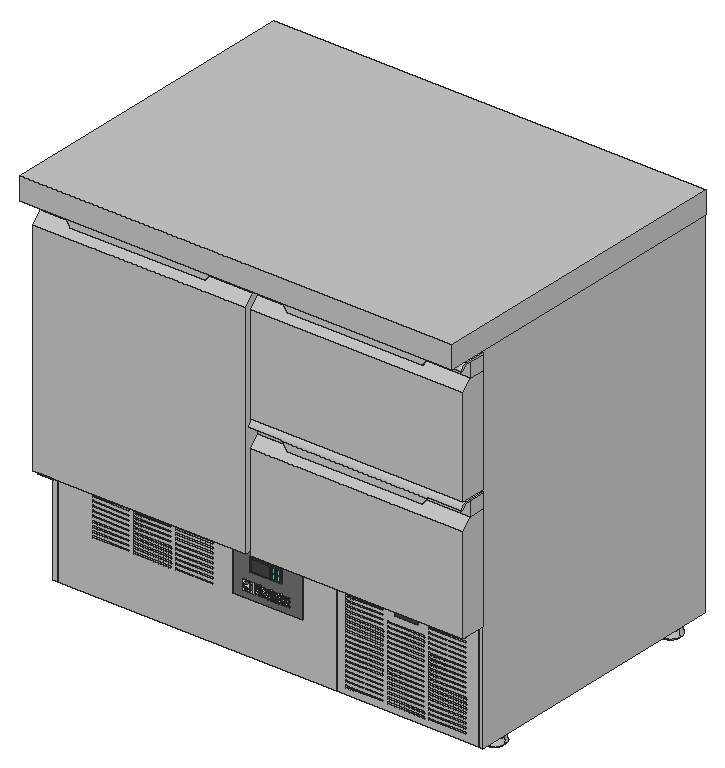
Revit family "QF_ELECTROLUXPROFESSIONAL_725108_SAL25T12", category Attrezzature speciali, Revit 2021
Family settings
  Quota connettore circolare = Usa diametro
  Tipo di parte = Normale
  Basato su piano di lavoro = No
  Sempre verticale = Sì
  Taglio con vuoti quando caricato = No
  Condiviso = No
  Punto di calcolo locali = No
Parameters (values of type "Standard")
  Weight = 100.00 kg
  Watts = 220 W
  Volts = 220 V
  URL Manufacturer = "https://www.electroluxprofessional.com/"
  URL = "https://www.electroluxprofessional.com/"
  Steam Supply Size = 0 mm
  Steam Supply Minimum Pressure = 0.0 Pa
  Steam Supply Maximum Pressure = 0.0 Pa
  Steam Consumption per Hour = 0
  Refrigeration Suction Line Size = 0 mm
  Refrigeration Liquid Line Size = 0 mm
  Refrigerant Compressor Remote = yes
  Prospetto di default = 0 mm
  Produttore = "Electrolux Professional"
  Phase = 1
  Modello = "SAL25T12"
  Length Actual = 955 mm  # constant formula
  Item Number = "725108"
  Hot Water Size = 0 mm
  Height Actual = 858 mm  # constant formula
  HP = "0.3 HP"
  Gas Size = 0 mm
  Gas KW = 0
  Gas Input Pressure = 0 W
  Direct Waste Size = 0 mm
  Descrizione = "1-DOOR+2-DRAWER REFRIGERATED COUNTER 250L +2+10° + STAINLESS STEEL TOP R290"
  Depth Actual = 700 mm  # constant formula
  Cycle = 50 Hz
  Condensate Return Size = 0 mm
  Compressed Air Volume = 0.0 L/s
  Compressed Air Size = 0 mm
  Compressed Air Pressure = 0.0 Pa
  Cold Water Size = 0 mm
  Accessory = yes
Reference planes
  plane 1: z = 0
  plane 2 "Center (Left/Right)": x = -126.5
  plane 3 "Center (Front/Back)": y = 64.5
  plane 4 "BACK": y = 414.5
  plane 5 "FRONT": y = -285.5
  plane 6 "LEFT": x = -604
  plane 7 "RIGHT": x = 351
  plane 8 "FEET": z = 20
  plane 9 "TOP": z = 858
  plane 10 "PLAIN": z = 808
  plane 11 "EI_back": y = 414.5
  plane 12 "EI_left": x = 287.5
  plane 13 "BorderBack": y = 414.5
  plane 14 "BorderFront": y = -252.5
  plane 15 "DOOR": y = -197.5
  plane 16 "BorderLeft": x = -601.5
  plane 17 "BorderRight": x = 348.5
  plane 18: x = -576.5
  plane 19: x = 323.5
  plane 20: y = -701.5
  plane 21: z = 260
  plane 22 "FeetBack": y = 347.5
  plane 23 "FeetFront": y = -137.5
  plane 24 "FeetRight": x = 326.2
  plane 25 "FeetLeft": x = -579.2
  plane 26 "DrainX": x = -271.5
  plane 27 "DrainY": y = 91.5
  plane 28: z = 238
Forms (mm)
  Extrusion 1, solid, material "QF_Finishes_Stainless Steel"
    sketch origin (-1022.223, 359, -1763) x (-1, 0, 0) y (0, 0, -1)
      loop
        circle (-1309.723, -1883) r 5
    from -55.5 to -57.278
  Extrusion 2, solid, material "QF_Finishes_Stainless Steel"
    sketch origin (-1022.223, -1524, 20) x (-1, 0, 0) y (0, -1, 0)
      loop
        line (-420.723, -1938.5) -> (-420.723, -1326.5) -> (-1370.723, -1326.5) -> (-1370.723, -1938.5) -> (-420.723, -1938.5)
    from 0 to 788
  Extrusion 3, solid, material "QF_Finishes_Stainless Steel"
    sketch origin (0, 0, 808) x (-1, 0, 0) y (0, -1, 0)
      loop
        line (604, -414.5) -> (604, 285.5) -> (-351, 285.5) -> (-351, -414.5) -> (604, -414.5)
    from 0 to 50
  Extrusion 4, void
    sketch origin (0, 0, 0) x (1, 0, 0) y (0, 1, 0)
      loop
        line (-591.5, -197.5) -> (338.5, -197.5) -> (338.5, -195.5) -> (-591.5, -195.5) -> (-591.5, -197.5)
    from 20 to 260
  Extrusion 5, solid, material "QF_Finishes_Stainless Steel"
    sketch origin (0, 0, 0) x (1, 0, 0) y (0, 1, 0)
      loop
        line (-591.5, -195.5) -> (-591.5, -197.5) -> (26.373, -197.5) -> (26.373, -195.5) -> (-591.5, -195.5)
    from 20 to 260
  Extrusion 6, solid, material "QF_Finishes_Stainless Steel"
    sketch origin (0, 0, 0) x (1, 0, 0) y (0, 1, 0)
      loop
        line (26.373, -195.5) -> (26.373, -197.5) -> (338.5, -197.5) -> (338.5, -195.5) -> (26.373, -195.5)
    from 20 to 260
  Extrusion 7, void
    sketch origin (560, -285.5, 0) x (-1, 0, 0) y (0, 0, 1)
      loop
        line (514.036, 239.427) -> (431.036, 239.427) -> (431.036, 234.427) -> (514.036, 234.427) -> (514.036, 239.427)
      loop
        line (514.036, 229.427) -> (431.036, 229.427) -> (431.036, 224.427) -> (514.036, 224.427) -> (514.036, 229.427)
      loop
        line (514.036, 219.427) -> (431.036, 219.427) -> (431.036, 214.427) -> (514.036, 214.427) -> (514.036, 219.427)
      loop
        line (514.036, 209.427) -> (431.036, 209.427) -> (431.036, 204.427) -> (514.036, 204.427) -> (514.036, 209.427)
      loop
        line (514.036, 199.427) -> (431.036, 199.427) -> (431.036, 194.427) -> (514.036, 194.427) -> (514.036, 199.427)
      loop
        line (514.036, 189.427) -> (431.036, 189.427) -> (431.036, 184.427) -> (514.036, 184.427) -> (514.036, 189.427)
      loop
        line (514.036, 179.427) -> (431.036, 179.427) -> (431.036, 174.427) -> (514.036, 174.427) -> (514.036, 179.427)
      loop
        line (514.036, 169.427) -> (431.036, 169.427) -> (431.036, 164.427) -> (514.036, 164.427) -> (514.036, 169.427)
      loop
        line (514.036, 149.427) -> (431.036, 149.427) -> (431.036, 144.427) -> (514.036, 144.427) -> (514.036, 149.427)
      loop
        line (514.036, 139.427) -> (431.036, 139.427) -> (431.036, 134.427) -> (514.036, 134.427) -> (514.036, 139.427)
      loop
        line (422.036, 199.427) -> (339.036, 199.427) -> (339.036, 194.427) -> (422.036, 194.427) -> (422.036, 199.427)
      loop
        line (422.036, 189.427) -> (339.036, 189.427) -> (339.036, 184.427) -> (422.036, 184.427) -> (422.036, 189.427)
      loop
        line (422.036, 179.427) -> (339.036, 179.427) -> (339.036, 174.427) -> (422.036, 174.427) -> (422.036, 179.427)
      loop
        line (422.036, 149.427) -> (339.036, 149.427) -> (339.036, 144.427) -> (422.036, 144.427) -> (422.036, 149.427)
      loop
        line (422.036, 139.427) -> (339.036, 139.427) -> (339.036, 134.427) -> (422.036, 134.427) -> (422.036, 139.427)
      loop
        line (330.036, 239.427) -> (247.036, 239.427) -> (247.036, 234.427) -> (330.036, 234.427) -> (330.036, 239.427)
      loop
        line (330.036, 229.427) -> (247.036, 229.427) -> (247.036, 224.427) -> (330.036, 224.427) -> (330.036, 229.427)
      loop
        line (330.036, 219.427) -> (247.036, 219.427) -> (247.036, 214.427) -> (330.036, 214.427) -> (330.036, 219.427)
      loop
        line (330.036, 209.427) -> (247.036, 209.427) -> (247.036, 204.427) -> (330.036, 204.427) -> (330.036, 209.427)
      loop
        line (330.036, 199.427) -> (247.036, 199.427) -> (247.036, 194.427) -> (330.036, 194.427) -> (330.036, 199.427)
      loop
        line (330.036, 189.427) -> (247.036, 189.427) -> (247.036, 184.427) -> (330.036, 184.427) -> (330.036, 189.427)
      loop
        line (330.036, 179.427) -> (247.036, 179.427) -> (247.036, 174.427) -> (330.036, 174.427) -> (330.036, 179.427)
      loop
        line (330.036, 149.427) -> (247.036, 149.427) -> (247.036, 144.427) -> (330.036, 144.427) -> (330.036, 149.427)
      loop
        line (330.036, 139.427) -> (247.036, 139.427) -> (247.036, 134.427) -> (330.036, 134.427) -> (330.036, 139.427)
      loop
        line (422.036, 169.427) -> (339.036, 169.427) -> (339.036, 164.427) -> (422.036, 164.427) -> (422.036, 169.427)
      loop
        line (330.036, 169.427) -> (247.036, 169.427) -> (247.036, 164.427) -> (330.036, 164.427) -> (330.036, 169.427)
      loop
        line (514.036, 159.427) -> (431.036, 159.427) -> (431.036, 154.427) -> (514.036, 154.427) -> (514.036, 159.427)
      loop
        line (422.036, 159.427) -> (339.036, 159.427) -> (339.036, 154.427) -> (422.036, 154.427) -> (422.036, 159.427)
      loop
        line (330.036, 159.427) -> (247.036, 159.427) -> (247.036, 154.427) -> (330.036, 154.427) -> (330.036, 159.427)
      loop
        line (514.036, 129.427) -> (431.036, 129.427) -> (431.036, 124.427) -> (514.036, 124.427) -> (514.036, 129.427)
      loop
        line (514.036, 119.427) -> (431.036, 119.427) -> (431.036, 114.427) -> (514.036, 114.427) -> (514.036, 119.427)
      loop
        line (514.036, 109.427) -> (431.036, 109.427) -> (431.036, 104.427) -> (514.036, 104.427) -> (514.036, 109.427)
      loop
        line (514.036, 99.427) -> (431.036, 99.427) -> (431.036, 94.427) -> (514.036, 94.427) -> (514.036, 99.427)
      loop
        line (514.036, 79.427) -> (431.036, 79.427) -> (431.036, 74.427) -> (514.036, 74.427) -> (514.036, 79.427)
      loop
        line (514.036, 69.427) -> (431.036, 69.427) -> (431.036, 64.427) -> (514.036, 64.427) -> (514.036, 69.427)
      loop
        line (422.036, 129.427) -> (339.036, 129.427) -> (339.036, 124.427) -> (422.036, 124.427) -> (422.036, 129.427)
      loop
        line (422.036, 119.427) -> (339.036, 119.427) -> (339.036, 114.427) -> (422.036, 114.427) -> (422.036, 119.427)
      loop
        line (422.036, 109.427) -> (339.036, 109.427) -> (339.036, 104.427) -> (422.036, 104.427) -> (422.036, 109.427)
      loop
        line (422.036, 79.427) -> (339.036, 79.427) -> (339.036, 74.427) -> (422.036, 74.427) -> (422.036, 79.427)
      loop
        line (422.036, 69.427) -> (339.036, 69.427) -> (339.036, 64.427) -> (422.036, 64.427) -> (422.036, 69.427)
      loop
        line (330.036, 129.427) -> (247.036, 129.427) -> (247.036, 124.427) -> (330.036, 124.427) -> (330.036, 129.427)
      loop
        line (330.036, 119.427) -> (247.036, 119.427) -> (247.036, 114.427) -> (330.036, 114.427) -> (330.036, 119.427)
      loop
        line (330.036, 109.427) -> (247.036, 109.427) -> (247.036, 104.427) -> (330.036, 104.427) -> (330.036, 109.427)
      loop
        line (330.036, 79.427) -> (247.036, 79.427) -> (247.036, 74.427) -> (330.036, 74.427) -> (330.036, 79.427)
      loop
        line (330.036, 69.427) -> (247.036, 69.427) -> (247.036, 64.427) -> (330.036, 64.427) -> (330.036, 69.427)
      loop
        line (422.036, 99.427) -> (339.036, 99.427) -> (339.036, 94.427) -> (422.036, 94.427) -> (422.036, 99.427)
      loop
        line (330.036, 99.427) -> (247.036, 99.427) -> (247.036, 94.427) -> (330.036, 94.427) -> (330.036, 99.427)
      loop
        line (514.036, 89.427) -> (431.036, 89.427) -> (431.036, 84.427) -> (514.036, 84.427) -> (514.036, 89.427)
      loop
        line (422.036, 89.427) -> (339.036, 89.427) -> (339.036, 84.427) -> (422.036, 84.427) -> (422.036, 89.427)
      loop
        line (330.036, 89.427) -> (247.036, 89.427) -> (247.036, 84.427) -> (330.036, 84.427) -> (330.036, 89.427)
      loop
        line (514.036, 49.427) -> (431.036, 49.427) -> (431.036, 44.427) -> (514.036, 44.427) -> (514.036, 49.427)
      loop
        line (514.036, 39.427) -> (431.036, 39.427) -> (431.036, 34.427) -> (514.036, 34.427) -> (514.036, 39.427)
      loop
        line (422.036, 49.427) -> (339.036, 49.427) -> (339.036, 44.427) -> (422.036, 44.427) -> (422.036, 49.427)
      loop
        line (422.036, 39.427) -> (339.036, 39.427) -> (339.036, 34.427) -> (422.036, 34.427) -> (422.036, 39.427)
      loop
        line (330.036, 49.427) -> (247.036, 49.427) -> (247.036, 44.427) -> (330.036, 44.427) -> (330.036, 49.427)
      loop
        line (330.036, 39.427) -> (247.036, 39.427) -> (247.036, 34.427) -> (330.036, 34.427) -> (330.036, 39.427)
      loop
        line (514.036, 59.427) -> (431.036, 59.427) -> (431.036, 54.427) -> (514.036, 54.427) -> (514.036, 59.427)
      loop
        line (422.036, 59.427) -> (339.036, 59.427) -> (339.036, 54.427) -> (422.036, 54.427) -> (422.036, 59.427)
      loop
        line (330.036, 59.427) -> (247.036, 59.427) -> (247.036, 54.427) -> (330.036, 54.427) -> (330.036, 59.427)
      loop
        line (405.536, 239.427) -> (355.536, 239.427) -> (355.536, 214.427) -> (405.536, 214.427) -> (405.536, 239.427)
    from 88 to 90
  Extrusion 8, solid, material "QF_Finishes_Black"
    sketch origin (0, -285.5, 0) x (-1, 0, 0) y (0, 0, 1)
      loop
        line (-154.464, 239.427) -> (-204.464, 239.427) -> (-204.464, 214.427) -> (-154.464, 214.427) -> (-154.464, 239.427)
    from 88 to 90
  Extrusion 9, solid, material "QF_Finishes_Stainless Steel"
    sketch origin (-1022.223, -1524, 20) x (-1, 0, 0) y (0, -1, 0)
      loop
        circle (-750.723, -1615.5) r 6.35
    from 199.427 to 218
  Extrusion 10, void
    sketch origin (0, -285.5, 0) x (-1, 0, 0) y (0, 0, 1)
      loop
        line (514.036, 239.427) -> (431.036, 239.427) -> (431.036, 234.427) -> (514.036, 234.427) -> (514.036, 239.427)
      loop
        line (514.036, 229.427) -> (431.036, 229.427) -> (431.036, 224.427) -> (514.036, 224.427) -> (514.036, 229.427)
      loop
        line (514.036, 219.427) -> (431.036, 219.427) -> (431.036, 214.427) -> (514.036, 214.427) -> (514.036, 219.427)
      loop
        line (514.036, 209.427) -> (431.036, 209.427) -> (431.036, 204.427) -> (514.036, 204.427) -> (514.036, 209.427)
      loop
        line (514.036, 199.427) -> (431.036, 199.427) -> (431.036, 194.427) -> (514.036, 194.427) -> (514.036, 199.427)
      loop
        line (514.036, 189.427) -> (431.036, 189.427) -> (431.036, 184.427) -> (514.036, 184.427) -> (514.036, 189.427)
      loop
        line (514.036, 179.427) -> (431.036, 179.427) -> (431.036, 174.427) -> (514.036, 174.427) -> (514.036, 179.427)
      loop
        line (514.036, 169.427) -> (431.036, 169.427) -> (431.036, 164.427) -> (514.036, 164.427) -> (514.036, 169.427)
      loop
        line (514.036, 149.427) -> (431.036, 149.427) -> (431.036, 144.427) -> (514.036, 144.427) -> (514.036, 149.427)
      loop
        line (514.036, 139.427) -> (431.036, 139.427) -> (431.036, 134.427) -> (514.036, 134.427) -> (514.036, 139.427)
      loop
        line (422.036, 199.427) -> (339.036, 199.427) -> (339.036, 194.427) -> (422.036, 194.427) -> (422.036, 199.427)
      loop
        line (422.036, 189.427) -> (339.036, 189.427) -> (339.036, 184.427) -> (422.036, 184.427) -> (422.036, 189.427)
      loop
        line (422.036, 179.427) -> (339.036, 179.427) -> (339.036, 174.427) -> (422.036, 174.427) -> (422.036, 179.427)
      loop
        line (422.036, 149.427) -> (339.036, 149.427) -> (339.036, 144.427) -> (422.036, 144.427) -> (422.036, 149.427)
      loop
        line (422.036, 139.427) -> (339.036, 139.427) -> (339.036, 134.427) -> (422.036, 134.427) -> (422.036, 139.427)
      loop
        line (330.036, 239.427) -> (247.036, 239.427) -> (247.036, 234.427) -> (330.036, 234.427) -> (330.036, 239.427)
      loop
        line (330.036, 229.427) -> (247.036, 229.427) -> (247.036, 224.427) -> (330.036, 224.427) -> (330.036, 229.427)
      loop
        line (330.036, 219.427) -> (247.036, 219.427) -> (247.036, 214.427) -> (330.036, 214.427) -> (330.036, 219.427)
      loop
        line (330.036, 209.427) -> (247.036, 209.427) -> (247.036, 204.427) -> (330.036, 204.427) -> (330.036, 209.427)
      loop
        line (330.036, 199.427) -> (247.036, 199.427) -> (247.036, 194.427) -> (330.036, 194.427) -> (330.036, 199.427)
      loop
        line (330.036, 189.427) -> (247.036, 189.427) -> (247.036, 184.427) -> (330.036, 184.427) -> (330.036, 189.427)
      loop
        line (330.036, 179.427) -> (247.036, 179.427) -> (247.036, 174.427) -> (330.036, 174.427) -> (330.036, 179.427)
      loop
        line (330.036, 149.427) -> (247.036, 149.427) -> (247.036, 144.427) -> (330.036, 144.427) -> (330.036, 149.427)
      loop
        line (330.036, 139.427) -> (247.036, 139.427) -> (247.036, 134.427) -> (330.036, 134.427) -> (330.036, 139.427)
      loop
        line (422.036, 169.427) -> (339.036, 169.427) -> (339.036, 164.427) -> (422.036, 164.427) -> (422.036, 169.427)
      loop
        line (330.036, 169.427) -> (247.036, 169.427) -> (247.036, 164.427) -> (330.036, 164.427) -> (330.036, 169.427)
      loop
        line (514.036, 159.427) -> (431.036, 159.427) -> (431.036, 154.427) -> (514.036, 154.427) -> (514.036, 159.427)
      loop
        line (422.036, 159.427) -> (339.036, 159.427) -> (339.036, 154.427) -> (422.036, 154.427) -> (422.036, 159.427)
      loop
        line (330.036, 159.427) -> (247.036, 159.427) -> (247.036, 154.427) -> (330.036, 154.427) -> (330.036, 159.427)
      loop
        line (422.036, 239.427) -> (339.036, 239.427) -> (339.036, 234.427) -> (422.036, 234.427) -> (422.036, 239.427)
      loop
        line (422.036, 229.427) -> (339.036, 229.427) -> (339.036, 224.427) -> (422.036, 224.427) -> (422.036, 229.427)
      loop
        line (422.036, 219.427) -> (339.036, 219.427) -> (339.036, 214.427) -> (422.036, 214.427) -> (422.036, 219.427)
      loop
        line (422.036, 209.427) -> (339.036, 209.427) -> (339.036, 204.427) -> (422.036, 204.427) -> (422.036, 209.427)
      loop
        line (204.5, 134.427) -> (204.5, 239.427) -> (48.5, 239.427) -> (48.5, 134.427) -> (204.5, 134.427)
    from 88 to 90
Cuts and joins
  Extrusion 4, Extrusion 7, Extrusion 10 cuts Extrusion 2
  Extrusion 7, Extrusion 10 cuts Extrusion 5
  Extrusion 7 cuts Extrusion 6
Lines and regions (mm)
  symbolic lines, style "SpecialityEquipment"
    curve 1: line (-604, 414.5, 808) -> (351, 414.5, 808)
    curve 2: line (-604, -285.5, 808) -> (-604, 414.5, 808)
    curve 3: line (351, -285.5, 808) -> (-604, -285.5, 808)
    curve 4: line (351, 414.5, 808) -> (351, -285.5, 808)
  symbolic lines, style "SpecialityEquipmentHiddenLines"
    curve 5: line (-604, -197.5, 808) -> (351, -197.5, 808)
Dimensions and locks
  equal spacing: plane 6 "LEFT", plane 2 "Center (Left/Right)", plane 7 "RIGHT"
  plane 8 "FEET" to level = 20 mm
  plane 4 "BACK" to plane 13 "BorderBack" = 0 mm
  plane 14 "BorderFront" to plane 5 "FRONT" = 33 mm
  plane 15 "DOOR" to plane 14 "BorderFront" = 55 mm
  plane 6 "LEFT" to plane 16 "BorderLeft" = 2.5 mm
  plane 17 "BorderRight" to plane 7 "RIGHT" = 2.5 mm
  plane 10 "PLAIN" to plane 8 "FEET" = 788 mm
  plane 9 "TOP" to plane 10 "PLAIN" = 50 mm
  plane 19 to plane 17 "BorderRight" = 25 mm
  plane 13 "BorderBack" to plane 11 "EI_back" = 0 mm
  plane 6 "LEFT" to plane 7 "RIGHT" = 955 mm
  plane 4 "BACK" to plane 5 "FRONT" = 700 mm
  equal spacing: plane 4 "BACK", plane 3 "Center (Front/Back)", plane 5 "FRONT"
  plane 13 "BorderBack" to plane 20 = 1116 mm
  plane 21 to plane 8 "FEET" = 240 mm
  plane 13 "BorderBack" to plane 22 "FeetBack" = 67 mm
  plane 23 "FeetFront" to plane 15 "DOOR" = 60 mm
  plane 24 "FeetRight" to plane 17 "BorderRight" = 22.3 mm
  plane 12 "EI_left" to plane 17 "BorderRight" = 61 mm
  plane 13 "BorderBack" to plane 27 "DrainY" = 323 mm
  plane 16 "BorderLeft" to plane 26 "DrainX" = 330 mm
  plane 28 to plane 8 "FEET" = 218 mm
  aligned and locked: level to plane 1
Automatic sketch dimensions
  Extrusion 1 sketch curve to plane 12 "EI_left" = 0 mm
  plane 8 "FEET" to Extrusion 1 sketch curve = 100 mm
  Extrusion 2 sketch curve to plane 4 "BACK" = 0 mm
  Extrusion 2 sketch curve to plane 17 "BorderRight" = 0 mm
  Extrusion 2 sketch curve to plane 15 "DOOR" = 0 mm
  Extrusion 2 sketch curve to plane 16 "BorderLeft" = 0 mm
  Extrusion 3 sketch curve to plane 4 "BACK" = 0 mm
  Extrusion 3 sketch curve to plane 7 "RIGHT" = 0 mm
  Extrusion 3 sketch curve to plane 5 "FRONT" = 0 mm
  Extrusion 3 sketch curve to plane 6 "LEFT" = 0 mm
  Extrusion 4 sketch curve to plane 15 "DOOR" = 0 mm
  plane 16 "BorderLeft" to Extrusion 4 sketch curve = 10 mm
  Extrusion 4 sketch curve to plane 17 "BorderRight" = 10 mm
  plane 15 "DOOR" to Extrusion 4 sketch curve = 2 mm
  Extrusion 5 sketch curve to plane 15 "DOOR" = 0 mm
  plane 16 "BorderLeft" to Extrusion 5 sketch curve = 10 mm
  plane 2 "Center (Left/Right)" to Extrusion 5 sketch curve = 152.873 mm
  plane 15 "DOOR" to Extrusion 5 sketch curve = 2 mm
  Extrusion 6 sketch curve to plane 15 "DOOR" = 0 mm
  plane 2 "Center (Left/Right)" to Extrusion 6 sketch curve = 152.873 mm
  Extrusion 6 sketch curve to plane 17 "BorderRight" = 10 mm
  plane 15 "DOOR" to Extrusion 6 sketch curve = 2 mm
  Extrusion 7 sketch curve to plane 19 = 10.536 mm  (x6)
  Extrusion 7 sketch curve to Extrusion 7 sketch curve = 0 mm  (x96)
  Extrusion 7 sketch curve to Extrusion 7 sketch curve = 83 mm  (x4)
  Extrusion 7 sketch curve to plane 21 = 20.573 mm  (x2)
  Extrusion 7 sketch curve to Extrusion 7 sketch curve = 9 mm  (x11)
  Extrusion 7 sketch curve to Extrusion 7 sketch curve = 66.5 mm
  Extrusion 7 sketch curve to Extrusion 7 sketch curve = 16.5 mm
  plane 8 "FEET" to Extrusion 7 sketch curve = 29.427 mm  (x2)
  Extrusion 7 sketch curve to Extrusion 7 sketch curve = 5 mm  (x115)
  Extrusion 7 sketch curve to Extrusion 7 sketch curve = 15 mm
  Extrusion 7 sketch curve to Extrusion 7 sketch curve = 25.5 mm
  Extrusion 8 sketch curve to plane 21 = 20.573 mm
  Extrusion 8 sketch curve to plane 19 = 119.036 mm
  Extrusion 8 sketch curve to Extrusion 8 sketch curve = 50 mm
  Extrusion 8 sketch curve to Extrusion 8 sketch curve = 25 mm
  Extrusion 9 sketch curve to plane 26 "DrainX" = 0 mm
  Extrusion 9 sketch curve to plane 27 "DrainY" = 0 mm
  curve 1 to plane 4 "BACK" = 0 mm
  curve 5 to plane 7 "RIGHT" = 0 mm
  curve 3 to plane 5 "FRONT" = 0 mm
  curve 3 to plane 6 "LEFT" = 0 mm
  curve 5 to plane 15 "DOOR" = 0 mm
  plane 2 "Center (Left/Right)" to Extrusion 10 sketch curve = 78 mm
  plane 28 to Extrusion 10 sketch curve = 1.427 mm  (x4)
  plane 26 "DrainX" to Extrusion 10 sketch curve = 67 mm
  plane 26 "DrainX" to Extrusion 10 sketch curve = 24.464 mm  (x2)
  Extrusion 10 sketch curve to Extrusion 10 sketch curve = 0 mm  (x57)
  Extrusion 10 sketch curve to plane 26 "DrainX" = 58.536 mm
  Extrusion 10 sketch curve to Extrusion 10 sketch curve = 9 mm  (x6)
  Extrusion 10 sketch curve to Extrusion 10 sketch curve = 83 mm
  Extrusion 10 sketch curve to plane 28 = 3.573 mm  (x3)
  Extrusion 10 sketch curve to plane 28 = 13.573 mm  (x2)
  plane 18 to Extrusion 10 sketch curve = 62.464 mm
  Extrusion 10 sketch curve to Extrusion 10 sketch curve = 5 mm  (x57)
  radius of Extrusion 1 sketch curve = 5 mm
  radius of Extrusion 9 sketch curve = 6.35 mm
Nested families
  nested 1: "HORIZREF_SD_L" at (-366.5, -197.5, 531.5) x (1, 0, 0) z (0, -1, 0), type "HORIZREF_SD_L"
    with Show Clearance yes
  nested 2: "HORIZREF_HALF" at (113.5, -197.5, 531.5) x (1, 0, 0) z (0, -1, 0), type "HORIZREF_HALF"
    with Show Clearance yes
  nested 3: "HORIZREF_ELX_DISPLAY" at (-126.5, -195.5, 184.427) x (1, 0, 0) z (0, -1, 0), type "HORIZREF_ELX_DISPLAY"
    with Show Logo yes
  nested 4: "HORIZREF_FEET20" at (326.2, -137.5, 0), type "HORIZREF_FEET20"
  nested 5: "HORIZREF_FEET20" at (326.2, 347.5, 0), type "HORIZREF_FEET20"
  nested 6: "HORIZREF_FEET20" at (-579.2, -137.5, 0), type "HORIZREF_FEET20"
  nested 7: "HORIZREF_FEET20" at (-579.2, 347.5, 0), type "HORIZREF_FEET20"
  nested 8: "Refrigerator" at (351, -285.5, 808), type "Refrigerator"
Connectors
  electrical at (287.5, 416.278, 120), driven by "Volts"
    settings: on Extrusion 1, index 1, voltage 220 V, apparent load 0 VA, apparent load phase1 0 VA, apparent load phase2 0 VA, apparent load phase3 0 VA, power factor 1, load classification "Other", number of poles 1, system type 31, power factor state 1, is connector primary yes, connector utility no, sub classification motor no, connector description "Electrical Connection"
  piping at (-271.5, 91.5, 219.427), diameter 12.7
    settings: on Extrusion 9, index 2, connector inside diameter 609.6 mm, connector length 0 mm, flow factor 0, pipe flow 0.0 L/s, pressure drop 0.0 Pa, fitting loss kfactor 0, connector angle 0.00°, fixture units 0, engagement length 0 mm, angle of deflection 0.00°, flow configuration 0, flow direction 2, fitting loss method 0, system type 16, joint type 0, gender type 0, connector reference index -1, connector utility 0, adjustable connector no, is connector primary yes, connector description "Drain"
Definition of nested family "HORIZREF_SD_L"
  Parameters
    Show Clearance [instance] = yes
    Default Elevation = 1219.2 mm
  Reference planes
    plane 1 "Centro (Fronte/Retro)": y = 0
    plane 2: z = 0
    plane 3 "Centro (Sinistra/Destra)": x = 0
    plane 4 "Left": x = -235
    plane 5 "Right": x = 235
    plane 6: y = -271.5
    plane 7: y = 271.5
  Forms (mm)
    Extrusion 1, solid
      sketch origin (0, 0, 0) x (1, 0, 0) y (0, 1, 0)
        loop
          line (-1219.2, 1219.2) -> (-1219.2, -1219.2) -> (1219.2, -1219.2) -> (1219.2, 1219.2) -> (-1219.2, 1219.2)
      from 0 to -304.8
    Extrusion 2, solid
      sketch origin (0, -42.5, -3) x (0, 1, 0) y (0, 0, 1)
        loop
          line (-229, 58) -> (-229, 3) -> (279.183, 3) -> (279.183, 37.596) -> (258.779, 58) -> (-229, 58)
      from -235 to 235
    Extrusion 3, solid
      sketch origin (0, -42.5, 0) x (0, 1, 0) y (0, 0, 1)
        loop
          line (314, 0) -> (314, 44.493)
          arc (314, 44.493) -> (310.059, 54.627) -> (300.307, 59.436) r 15
          line (300.307, 59.436) -> (285.612, 60.721) -> (285.351, 57.733) -> (300.046, 56.447)
          arc (300.046, 56.447) -> (307.847, 52.6) -> (311, 44.493) r 12
          line (311, 44.493) -> (311, 0) -> (314, 0)
      from -235 to 235
    Extrusion 4, void
      sketch origin (0, -42.5, 0) x (1, 0, 0) y (0, 1, 0)
        loop
          line (-235, 285.351) -> (-147.017, 285.351)
          arc (-147.017, 285.351) -> (-148.802, 285.771) -> (-150.212, 286.944) r 4
          line (-150.212, 286.944) -> (-160.798, 300.992)
          arc (-160.798, 300.992) -> (-162.208, 302.165) -> (-163.992, 302.585) r 4
          line (-163.992, 302.585) -> (-235, 302.585) -> (-235, 285.351)
        loop
          line (235, 285.351) -> (235, 302.585) -> (163.992, 302.585)
          arc (163.992, 302.585) -> (162.208, 302.165) -> (160.798, 300.992) r 4
          line (160.798, 300.992) -> (150.212, 286.944)
          arc (150.212, 286.944) -> (148.802, 285.771) -> (147.017, 285.351) r 4
          line (147.017, 285.351) -> (235, 285.351)
      from 29.294 to 84.515
    Extrusion 5, solid, visible <- "Show Clearance", detail levels coarse
      sketch origin (0, -42.5, 5) x (-1, 0, 0) y (0, 0, -1)
        loop
          line (230, -499) -> (230, -55) -> (180, -55) -> (180, -499) -> (230, -499)
      from -314 to 229
    Extrusion 6, solid
      sketch origin (-235, 0, 0) x (0, 1, 0) y (0, 0, 1)
        loop
          line (-271.5, 0) -> (-271.5, 55) -> (-274, 55) -> (-274, 0) -> (-271.5, 0)
        loop
          line (271.5, 27.948) -> (271.5, 2.948) -> (271.5, 0) -> (276.503, 0) -> (276.503, 2.5) -> (274, 2.5) -> (274, 27.948) -> (271.5, 27.948)
      from 10 to 45
    Extrusion 7, solid
      sketch origin (0, -42.5, -3) x (0, 1, 0) y (0, 0, 1)
        loop
          line (279.183, 37.596) -> (279.183, 3) -> (311, 3) -> (311, 37.596) -> (279.183, 37.596)
      from -235 to 235
    Extrusion 8, solid, detail levels coarse
      sketch origin (0, 0, 5) x (1, 0, 0) y (0, 0, 1)
        loop
          line (-180, 499) -> (-180, 55) -> (235, 55)
          arc (235, 55) -> (117.187, 360.829) -> (-180, 499) r 437.47
      from -271.5 to 271.5
  Cuts and joins
    Extrusion 4 cuts Extrusion 3
  Lines and regions (mm)
    symbolic lines
      curve 1: line (-180, 0, 88) -> (-180, 0, 504)
      curve 2: line (-180, 0, 504) -> (-230, 0, 504)
      curve 3: line (-230, 0, 504) -> (-230, 0, 88)
      curve 4: arc (-180, 0, 504) -> (107.438, 0, 376.415) -> (232.8, 0, 88) r 433.138
  Dimensions and locks
    plane 4 "Left" to plane 3 "Centro (Sinistra/Destra)" to plane 5 "Right" = 235 mm, 235 mm
    equal spacing: plane 7, plane 1 "Centro (Fronte/Retro)", plane 6
    plane 7 to plane 6 = 543 mm
    aligned and locked: plane 2 to Extrusion 1
    aligned and locked: level to Extrusion 1
  Automatic sketch dimensions
    Extrusion 1 sketch curve to Extrusion 1 sketch curve = 2438.4 mm  (x2)
    Extrusion 2 sketch curve to plane 6 = 0 mm
    Extrusion 2 sketch curve to level = 0 mm
    Extrusion 2 sketch curve to plane 7 = 55.221 mm
    Extrusion 2 sketch curve to Extrusion 2 sketch curve = 20.404 mm  (x2)
    level to Extrusion 2 sketch curve = 34.596 mm
    Extrusion 3 sketch curve to Extrusion 3 sketch curve = 0 mm  (x2)
    Extrusion 3 sketch curve to level = 0 mm
    Extrusion 3 sketch curve to plane 7 = 0 mm
    Extrusion 3 sketch curve to Extrusion 3 sketch curve = 3 mm
    Extrusion 3 sketch curve to plane 7 = 13.693 mm
    Extrusion 3 sketch curve to Extrusion 3 sketch curve = 0.261 mm  (x2)
    Extrusion 3 sketch curve to Extrusion 3 sketch curve = 1.046 mm
    Extrusion 3 sketch curve to Extrusion 3 sketch curve = 14.695 mm
    level to Extrusion 3 sketch curve = 44.493 mm
    Extrusion 7 sketch curve to level = 0 mm
    Extrusion 7 sketch curve to plane 7 = 3 mm
    level to Extrusion 7 sketch curve = 34.596 mm
    Extrusion 7 sketch curve to Extrusion 7 sketch curve = 31.817 mm
    Extrusion 4 sketch curve to plane 4 "Left" = 0 mm
    Extrusion 4 sketch curve to plane 5 "Right" = 0 mm
    Extrusion 4 sketch curve to plane 7 = 11.415 mm
    Extrusion 4 sketch curve to Extrusion 4 sketch curve = 71.008 mm
    Extrusion 4 sketch curve to plane 7 = 13.008 mm  (x2)
    Extrusion 4 sketch curve to Extrusion 4 sketch curve = 3.195 mm  (x4)
    Extrusion 4 sketch curve to plane 7 = 27.056 mm  (x2)
    Extrusion 4 sketch curve to Extrusion 4 sketch curve = 10.586 mm  (x2)
    Extrusion 4 sketch curve to Extrusion 4 sketch curve = 0 mm  (x2)
    Extrusion 4 sketch curve to plane 7 = 24.649 mm
    Extrusion 4 sketch curve to plane 5 "Right" = 87.983 mm
    Extrusion 4 sketch curve to Extrusion 4 sketch curve = 17.234 mm
    Extrusion 4 sketch curve to Extrusion 4 sketch curve = 2.407 mm
    plane 4 "Left" to Extrusion 5 sketch curve = 55 mm
    plane 4 "Left" to Extrusion 5 sketch curve = 5 mm
    level to Extrusion 5 sketch curve = 504 mm
    level to Extrusion 5 sketch curve = 60 mm
    Extrusion 6 sketch curve to level = 0 mm  (x2)
    Extrusion 6 sketch curve to plane 6 = 0 mm
    Extrusion 6 sketch curve to plane 6 = 2.5 mm
    plane 7 to Extrusion 6 sketch curve = 0 mm
    Extrusion 6 sketch curve to Extrusion 6 sketch curve = 2.5 mm
    Extrusion 6 sketch curve to Extrusion 6 sketch curve = 2.503 mm
    level to Extrusion 6 sketch curve = 2.5 mm
    Extrusion 6 sketch curve to Extrusion 6 sketch curve = 0.448 mm
    Extrusion 6 sketch curve to Extrusion 6 sketch curve = 25 mm
    Extrusion 6 sketch curve to Extrusion 6 sketch curve = 55 mm
    Extrusion 8 sketch curve to plane 5 "Right" = 0 mm
    plane 4 "Left" to Extrusion 8 sketch curve = 55 mm
    Extrusion 8 sketch curve to Extrusion 8 sketch curve = 22.413 mm
    level to Extrusion 8 sketch curve = 60 mm
    Extrusion 8 sketch curve to Extrusion 8 sketch curve = 7.104 mm
    plane 4 "Left" to curve 2 = 5 mm
    curve 3 to curve 4 = 29.982 mm
    curve 2 to curve 1 = 50 mm
    level to curve 4 = 71.324 mm
    curve 4 to curve 1 = 16.676 mm
    curve 4 to curve 3 = 16.676 mm
    curve 1 to curve 2 = 416 mm
    curve 4 to plane 5 "Right" = 2.2 mm
Definition of nested family "HORIZREF_HALF"
  Parameters
    Show Clearance [instance] = yes
    Default Elevation = 1219.2 mm
  Reference planes
    plane 1 "Centro (Fronte/Retro)": y = 0
    plane 2: z = 0
    plane 3 "Centro (Sinistra/Destra)": x = 0
    plane 4 "Left": x = -235
    plane 5 "Right": x = 235
    plane 6: y = -271.5
    plane 7: y = 271.5
  Forms (mm)
    Extrusion 1, solid
      sketch origin (0, 0, 0) x (1, 0, 0) y (0, 1, 0)
        loop
          line (-1219.2, 1219.2) -> (-1219.2, -1219.2) -> (1219.2, -1219.2) -> (1219.2, 1219.2) -> (-1219.2, 1219.2)
      from 0 to -304.8
    Extrusion 2, solid
      sketch origin (0, -42.5, -3) x (0, 1, 0) y (0, 0, 1)
        loop
          line (42.5, 58) -> (42.5, 3) -> (279.183, 3) -> (279.183, 37.596) -> (258.779, 58) -> (42.5, 58)
      from -235 to 235
    Extrusion 3, solid
      sketch origin (0, -42.5, 0) x (0, 1, 0) y (0, 0, 1)
        loop
          line (314, 0) -> (314, 44.493)
          arc (314, 44.493) -> (310.059, 54.627) -> (300.307, 59.436) r 15
          line (300.307, 59.436) -> (285.612, 60.721) -> (285.351, 57.733) -> (300.046, 56.447)
          arc (300.046, 56.447) -> (307.847, 52.6) -> (311, 44.493) r 12
          line (311, 44.493) -> (311, 0) -> (314, 0)
      from -235 to 235
    Extrusion 4, void
      sketch origin (0, -42.5, 0) x (1, 0, 0) y (0, 1, 0)
        loop
          line (-235, 285.351) -> (-147.017, 285.351)
          arc (-147.017, 285.351) -> (-148.802, 285.771) -> (-150.212, 286.944) r 4
          line (-150.212, 286.944) -> (-160.798, 300.992)
          arc (-160.798, 300.992) -> (-162.208, 302.165) -> (-163.992, 302.585) r 4
          line (-163.992, 302.585) -> (-235, 302.585) -> (-235, 285.351)
        loop
          line (235, 285.351) -> (235, 302.585) -> (163.992, 302.585)
          arc (163.992, 302.585) -> (162.208, 302.165) -> (160.798, 300.992) r 4
          line (160.798, 300.992) -> (150.212, 286.944)
          arc (150.212, 286.944) -> (148.802, 285.771) -> (147.017, 285.351) r 4
          line (147.017, 285.351) -> (235, 285.351)
      from 29.294 to 84.515
    Extrusion 5, solid
      sketch origin (0, -42.5, -3) x (0, 1, 0) y (0, 0, 1)
        loop
          line (279.183, 37.596) -> (279.183, 3) -> (311, 3) -> (311, 37.596) -> (279.183, 37.596)
      from -235 to 235
    Extrusion 6, solid
      sketch origin (0, -42.5, -3) x (0, 1, 0) y (0, 0, 1)
        loop
          line (-229, 58) -> (-229, 3) -> (4.183, 3) -> (4.183, 37.596) -> (-16.221, 58) -> (-229, 58)
      from -235 to 235
    Extrusion 7, solid
      sketch origin (0, -317.5, 0) x (0, 1, 0) y (0, 0, 1)
        loop
          line (314, 0) -> (314, 44.493)
          arc (314, 44.493) -> (310.059, 54.627) -> (300.307, 59.436) r 15
          line (300.307, 59.436) -> (285.612, 60.721) -> (285.351, 57.733) -> (300.046, 56.447)
          arc (300.046, 56.447) -> (307.847, 52.6) -> (311, 44.493) r 12
          line (311, 44.493) -> (311, 0) -> (314, 0)
      from -235 to 235
    Extrusion 8, solid
      sketch origin (0, -317.5, -3) x (0, 1, 0) y (0, 0, 1)
        loop
          line (279.183, 37.596) -> (279.183, 3) -> (311, 3) -> (311, 37.596) -> (279.183, 37.596)
      from -235 to 235
    Extrusion 9, solid, detail levels coarse
      sketch origin (0, -42.5, 446) x (0, 1, 0) y (0, 0, 1)
        loop
          line (42.5, 58) -> (42.5, 3) -> (279.183, 3) -> (279.183, 37.596) -> (258.779, 58) -> (42.5, 58)
      from -235 to 235
    Extrusion 10, solid, detail levels coarse
      sketch origin (0, -42.5, 446) x (0, 1, 0) y (0, 0, 1)
        loop
          line (-229, 58) -> (-229, 3) -> (4.183, 3) -> (4.183, 37.596) -> (-16.221, 58) -> (-229, 58)
      from -235 to 235
    Extrusion 11, solid, detail levels coarse
      sketch origin (0, -42.5, 454) x (0, 1, 0) y (0, 0, 1)
        loop
          line (314, -5) -> (314, 39.493)
          arc (314, 39.493) -> (310.059, 49.627) -> (300.307, 54.436) r 15
          line (300.307, 54.436) -> (285.612, 55.721) -> (285.351, 52.733) -> (300.046, 51.447)
          arc (300.046, 51.447) -> (307.847, 47.6) -> (311, 39.493) r 12
          line (311, 39.493) -> (311, -5) -> (314, -5)
      from -235 to 235
    Extrusion 12, solid, detail levels coarse
      sketch origin (0, -317.5, 454) x (0, 1, 0) y (0, 0, 1)
        loop
          line (314, -5) -> (314, 39.493)
          arc (314, 39.493) -> (310.059, 49.627) -> (300.307, 54.436) r 15
          line (300.307, 54.436) -> (285.612, 55.721) -> (285.351, 52.733) -> (300.046, 51.447)
          arc (300.046, 51.447) -> (307.847, 47.6) -> (311, 39.493) r 12
          line (311, 39.493) -> (311, -5) -> (314, -5)
      from -235 to 235
    Extrusion 13, void
      sketch origin (0, -42.5, 0) x (1, 0, 0) y (0, 1, 0)
        loop
          line (-235, 285.351) -> (-147.017, 285.351)
          arc (-147.017, 285.351) -> (-148.802, 285.771) -> (-150.212, 286.944) r 4
          line (-150.212, 286.944) -> (-160.798, 300.992)
          arc (-160.798, 300.992) -> (-162.208, 302.165) -> (-163.992, 302.585) r 4
          line (-163.992, 302.585) -> (-235, 302.585) -> (-235, 285.351)
        loop
          line (235, 285.351) -> (235, 302.585) -> (163.992, 302.585)
          arc (163.992, 302.585) -> (162.208, 302.165) -> (160.798, 300.992) r 4
          line (160.798, 300.992) -> (150.212, 286.944)
          arc (150.212, 286.944) -> (148.802, 285.771) -> (147.017, 285.351) r 4
          line (147.017, 285.351) -> (235, 285.351)
      from 489.516 to 524.362
    Extrusion 14, void
      sketch origin (0, -317.5, 0) x (1, 0, 0) y (0, 1, 0)
        loop
          line (-235, 285.351) -> (-147.017, 285.351)
          arc (-147.017, 285.351) -> (-148.802, 285.771) -> (-150.212, 286.944) r 4
          line (-150.212, 286.944) -> (-160.798, 300.992)
          arc (-160.798, 300.992) -> (-162.208, 302.165) -> (-163.992, 302.585) r 4
          line (-163.992, 302.585) -> (-235, 302.585) -> (-235, 285.351)
        loop
          line (235, 285.351) -> (235, 302.585) -> (163.992, 302.585)
          arc (163.992, 302.585) -> (162.208, 302.165) -> (160.798, 300.992) r 4
          line (160.798, 300.992) -> (150.212, 286.944)
          arc (150.212, 286.944) -> (148.802, 285.771) -> (147.017, 285.351) r 4
          line (147.017, 285.351) -> (235, 285.351)
      from 489.516 to 524.362
    Extrusion 15, solid, detail levels coarse
      sketch origin (0, -42.5, 446) x (0, 1, 0) y (0, 0, 1)
        loop
          line (279.183, 37.596) -> (279.183, 3) -> (311, 3) -> (311, 37.596) -> (279.183, 37.596)
      from -235 to 235
    Extrusion 16, solid, detail levels coarse
      sketch origin (0, -317.5, 446) x (0, 1, 0) y (0, 0, 1)
        loop
          line (279.183, 37.596) -> (279.183, 3) -> (311, 3) -> (311, 37.596) -> (279.183, 37.596)
      from -235 to 235
    Extrusion 17, void
      sketch origin (0, -317.5, 0) x (1, 0, 0) y (0, 1, 0)
        loop
          line (-235, 285.351) -> (-147.017, 285.351)
          arc (-147.017, 285.351) -> (-148.802, 285.771) -> (-150.212, 286.944) r 4
          line (-150.212, 286.944) -> (-160.798, 300.992)
          arc (-160.798, 300.992) -> (-162.208, 302.165) -> (-163.992, 302.585) r 4
          line (-163.992, 302.585) -> (-235, 302.585) -> (-235, 285.351)
        loop
          line (235, 285.351) -> (235, 302.585) -> (163.992, 302.585)
          arc (163.992, 302.585) -> (162.208, 302.165) -> (160.798, 300.992) r 4
          line (160.798, 300.992) -> (150.212, 286.944)
          arc (150.212, 286.944) -> (148.802, 285.771) -> (147.017, 285.351) r 4
          line (147.017, 285.351) -> (235, 285.351)
      from 43.914 to 69.256
    Extrusion 18, solid, detail levels coarse
      sketch origin (0, 0, 0) x (0, 1, 0) y (0, 0, 1)
        loop
          line (0, 449) -> (0, 55) -> (200, 55) -> (200, 449) -> (0, 449)
        loop
          line (-271.5, 449) -> (-271.5, 55) -> (-71.5, 55) -> (-71.5, 449) -> (-271.5, 449)
      from -164 to 164
  Cuts and joins
    Extrusion 4, Extrusion 13 cuts Extrusion 3
    Extrusion 13 cuts Extrusion 5
    Extrusion 14, Extrusion 17 cuts Extrusion 7
    Extrusion 14 cuts Extrusion 8
    Extrusion 14, Extrusion 17 cuts Extrusion 12
    Extrusion 13 cuts Extrusion 11
  Lines and regions (mm)
    symbolic lines
      curve 1: line (164, 0, 239) -> (164, 0, 88)
      curve 2: line (-164, 0, 239) -> (-164, 0, 88)
      curve 3: line (235, 0, 454) -> (235, 0, 504.219)
      curve 4: line (-235, 0, 454) -> (235, 0, 454)
      curve 5: line (-235, 0, 504.219) -> (-235, 0, 454)
      curve 6: line (-235, 0, 504.219) -> (235, 0, 504.219)
      curve 7: line (235, 0, 239) -> (235, 0, 294)
      curve 8: line (-235, 0, 239) -> (235, 0, 239)
      curve 9: line (-235, 0, 294) -> (-235, 0, 239)
      curve 10: line (-235, 0, 294) -> (235, 0, 294)
      curve 11: line (164, 0, 454) -> (164, 0, 294)
      curve 12: line (-164, 0, 454) -> (-164, 0, 294)
  Dimensions and locks
    plane 4 "Left" to plane 3 "Centro (Sinistra/Destra)" to plane 5 "Right" = 235 mm, 235 mm
    equal spacing: plane 7, plane 1 "Centro (Fronte/Retro)", plane 6
    plane 7 to plane 6 = 543 mm
    aligned and locked: plane 2 to Extrusion 1
    aligned and locked: level to Extrusion 1
  Automatic sketch dimensions
    Extrusion 1 sketch curve to Extrusion 1 sketch curve = 2438.4 mm  (x2)
    Extrusion 2 sketch curve to plane 1 "Centro (Fronte/Retro)" = 0 mm
    Extrusion 2 sketch curve to level = 0 mm
    Extrusion 2 sketch curve to plane 7 = 55.221 mm
    Extrusion 2 sketch curve to Extrusion 2 sketch curve = 20.404 mm  (x2)
    level to Extrusion 2 sketch curve = 34.596 mm
    Extrusion 3 sketch curve to Extrusion 3 sketch curve = 0 mm  (x2)
    Extrusion 3 sketch curve to level = 0 mm
    Extrusion 3 sketch curve to plane 7 = 0 mm
    Extrusion 3 sketch curve to Extrusion 3 sketch curve = 3 mm
    Extrusion 3 sketch curve to plane 7 = 13.693 mm
    Extrusion 3 sketch curve to Extrusion 3 sketch curve = 0.261 mm  (x2)
    Extrusion 3 sketch curve to Extrusion 3 sketch curve = 1.046 mm
    Extrusion 3 sketch curve to Extrusion 3 sketch curve = 14.695 mm
    level to Extrusion 3 sketch curve = 44.493 mm
    Extrusion 4 sketch curve to plane 4 "Left" = 0 mm
    Extrusion 4 sketch curve to plane 5 "Right" = 0 mm
    Extrusion 4 sketch curve to plane 7 = 11.415 mm
    Extrusion 4 sketch curve to Extrusion 4 sketch curve = 71.008 mm
    Extrusion 4 sketch curve to plane 7 = 13.008 mm  (x2)
    Extrusion 4 sketch curve to Extrusion 4 sketch curve = 3.195 mm  (x4)
    Extrusion 4 sketch curve to plane 7 = 27.056 mm  (x2)
    Extrusion 4 sketch curve to Extrusion 4 sketch curve = 10.586 mm  (x2)
    Extrusion 4 sketch curve to plane 7 = 24.649 mm
    Extrusion 4 sketch curve to plane 5 "Right" = 87.983 mm
    Extrusion 4 sketch curve to Extrusion 4 sketch curve = 17.234 mm
    Extrusion 4 sketch curve to Extrusion 4 sketch curve = 2.407 mm
    Extrusion 4 sketch curve to Extrusion 4 sketch curve = 0 mm  (x2)
    Extrusion 5 sketch curve to level = 0 mm
    Extrusion 5 sketch curve to plane 7 = 34.817 mm
    Extrusion 5 sketch curve to plane 7 = 3 mm
    level to Extrusion 5 sketch curve = 34.596 mm
    Extrusion 6 sketch curve to plane 6 = 0 mm
    Extrusion 6 sketch curve to level = 0 mm
    plane 1 "Centro (Fronte/Retro)" to Extrusion 6 sketch curve = 58.721 mm
    Extrusion 6 sketch curve to Extrusion 6 sketch curve = 20.404 mm  (x2)
    Extrusion 6 sketch curve to Extrusion 6 sketch curve = 34.596 mm
    Extrusion 7 sketch curve to Extrusion 7 sketch curve = 0 mm  (x2)
    Extrusion 7 sketch curve to level = 0 mm
    plane 1 "Centro (Fronte/Retro)" to Extrusion 7 sketch curve = 32.149 mm
    Extrusion 7 sketch curve to Extrusion 7 sketch curve = 0.261 mm  (x2)
    plane 1 "Centro (Fronte/Retro)" to Extrusion 7 sketch curve = 18.5 mm
    Extrusion 7 sketch curve to Extrusion 7 sketch curve = 1.046 mm
    plane 1 "Centro (Fronte/Retro)" to Extrusion 7 sketch curve = 6.5 mm
    Extrusion 7 sketch curve to Extrusion 7 sketch curve = 3 mm
    Extrusion 7 sketch curve to Extrusion 7 sketch curve = 44.493 mm
    Extrusion 8 sketch curve to level = 0 mm
    plane 1 "Centro (Fronte/Retro)" to Extrusion 8 sketch curve = 38.317 mm
    plane 1 "Centro (Fronte/Retro)" to Extrusion 8 sketch curve = 6.5 mm
    Extrusion 8 sketch curve to Extrusion 8 sketch curve = 34.596 mm
    Extrusion 9 sketch curve to plane 1 "Centro (Fronte/Retro)" = 0 mm
    Extrusion 9 sketch curve to plane 7 = 55.221 mm
    Extrusion 9 sketch curve to Extrusion 9 sketch curve = 20.404 mm  (x2)
    level to Extrusion 9 sketch curve = 449 mm
    Extrusion 9 sketch curve to Extrusion 9 sketch curve = 34.596 mm
    Extrusion 10 sketch curve to plane 6 = 0 mm
    plane 1 "Centro (Fronte/Retro)" to Extrusion 10 sketch curve = 58.721 mm
    Extrusion 10 sketch curve to Extrusion 10 sketch curve = 20.404 mm  (x2)
    level to Extrusion 10 sketch curve = 449 mm
    Extrusion 10 sketch curve to Extrusion 10 sketch curve = 34.596 mm
    Extrusion 11 sketch curve to Extrusion 11 sketch curve = 0 mm  (x2)
    Extrusion 11 sketch curve to plane 7 = 0 mm
    Extrusion 11 sketch curve to plane 7 = 3 mm
    Extrusion 11 sketch curve to plane 7 = 13.693 mm
    Extrusion 11 sketch curve to Extrusion 11 sketch curve = 0.261 mm  (x2)
    Extrusion 11 sketch curve to Extrusion 11 sketch curve = 1.046 mm
    Extrusion 11 sketch curve to Extrusion 11 sketch curve = 14.695 mm
    level to Extrusion 11 sketch curve = 449 mm
    Extrusion 11 sketch curve to Extrusion 11 sketch curve = 44.493 mm
    Extrusion 12 sketch curve to Extrusion 12 sketch curve = 0 mm  (x2)
    plane 1 "Centro (Fronte/Retro)" to Extrusion 12 sketch curve = 32.149 mm
    Extrusion 12 sketch curve to Extrusion 12 sketch curve = 0.261 mm  (x2)
    plane 1 "Centro (Fronte/Retro)" to Extrusion 12 sketch curve = 18.5 mm
    Extrusion 12 sketch curve to Extrusion 12 sketch curve = 1.046 mm
    plane 1 "Centro (Fronte/Retro)" to Extrusion 12 sketch curve = 6.5 mm
    Extrusion 12 sketch curve to Extrusion 12 sketch curve = 3 mm
    level to Extrusion 12 sketch curve = 449 mm
    Extrusion 12 sketch curve to Extrusion 12 sketch curve = 44.493 mm
    Extrusion 13 sketch curve to plane 4 "Left" = 0 mm
    Extrusion 13 sketch curve to plane 5 "Right" = 0 mm
    Extrusion 13 sketch curve to plane 7 = 11.415 mm
    Extrusion 13 sketch curve to Extrusion 13 sketch curve = 71.008 mm
    Extrusion 13 sketch curve to plane 7 = 13.008 mm  (x2)
    Extrusion 13 sketch curve to Extrusion 13 sketch curve = 3.195 mm  (x4)
    Extrusion 13 sketch curve to plane 7 = 27.056 mm  (x2)
    Extrusion 13 sketch curve to Extrusion 13 sketch curve = 10.586 mm  (x2)
    Extrusion 13 sketch curve to plane 7 = 24.649 mm
    Extrusion 13 sketch curve to plane 5 "Right" = 87.983 mm
    Extrusion 13 sketch curve to Extrusion 13 sketch curve = 17.234 mm
    Extrusion 13 sketch curve to Extrusion 13 sketch curve = 2.407 mm
    Extrusion 13 sketch curve to Extrusion 13 sketch curve = 0 mm  (x2)
    Extrusion 14 sketch curve to plane 4 "Left" = 0 mm
    Extrusion 14 sketch curve to plane 5 "Right" = 0 mm
    plane 1 "Centro (Fronte/Retro)" to Extrusion 14 sketch curve = 14.915 mm
    Extrusion 14 sketch curve to Extrusion 14 sketch curve = 71.008 mm
    plane 1 "Centro (Fronte/Retro)" to Extrusion 14 sketch curve = 16.508 mm  (x2)
    Extrusion 14 sketch curve to Extrusion 14 sketch curve = 3.195 mm  (x4)
    plane 1 "Centro (Fronte/Retro)" to Extrusion 14 sketch curve = 30.556 mm  (x2)
    Extrusion 14 sketch curve to Extrusion 14 sketch curve = 10.586 mm  (x2)
    plane 1 "Centro (Fronte/Retro)" to Extrusion 14 sketch curve = 28.149 mm
    Extrusion 14 sketch curve to plane 5 "Right" = 87.983 mm
    Extrusion 14 sketch curve to Extrusion 14 sketch curve = 17.234 mm
    Extrusion 14 sketch curve to Extrusion 14 sketch curve = 2.407 mm
    Extrusion 14 sketch curve to Extrusion 14 sketch curve = 0 mm  (x2)
    Extrusion 15 sketch curve to plane 7 = 34.817 mm
    Extrusion 15 sketch curve to plane 7 = 3 mm
    level to Extrusion 15 sketch curve = 449 mm
    Extrusion 15 sketch curve to Extrusion 15 sketch curve = 34.596 mm
    plane 1 "Centro (Fronte/Retro)" to Extrusion 16 sketch curve = 38.317 mm
    plane 1 "Centro (Fronte/Retro)" to Extrusion 16 sketch curve = 6.5 mm
    level to Extrusion 16 sketch curve = 449 mm
    Extrusion 16 sketch curve to Extrusion 16 sketch curve = 34.596 mm
    Extrusion 17 sketch curve to plane 4 "Left" = 0 mm
    Extrusion 17 sketch curve to plane 5 "Right" = 0 mm
    plane 1 "Centro (Fronte/Retro)" to Extrusion 17 sketch curve = 14.915 mm
    Extrusion 17 sketch curve to Extrusion 17 sketch curve = 71.008 mm
    plane 1 "Centro (Fronte/Retro)" to Extrusion 17 sketch curve = 16.508 mm  (x2)
    Extrusion 17 sketch curve to Extrusion 17 sketch curve = 3.195 mm  (x4)
    plane 1 "Centro (Fronte/Retro)" to Extrusion 17 sketch curve = 30.556 mm  (x2)
    Extrusion 17 sketch curve to Extrusion 17 sketch curve = 10.586 mm  (x2)
    plane 1 "Centro (Fronte/Retro)" to Extrusion 17 sketch curve = 28.149 mm
    Extrusion 17 sketch curve to plane 5 "Right" = 87.983 mm
    Extrusion 17 sketch curve to Extrusion 17 sketch curve = 17.234 mm
    Extrusion 17 sketch curve to Extrusion 17 sketch curve = 2.407 mm
    Extrusion 17 sketch curve to Extrusion 17 sketch curve = 0 mm  (x2)
    Extrusion 18 sketch curve to plane 6 = 0 mm
    Extrusion 18 sketch curve to plane 1 "Centro (Fronte/Retro)" = 0 mm
    plane 1 "Centro (Fronte/Retro)" to Extrusion 18 sketch curve = 71.5 mm
    Extrusion 18 sketch curve to plane 7 = 71.5 mm
    level to Extrusion 18 sketch curve = 55 mm  (x2)
    Extrusion 18 sketch curve to Extrusion 18 sketch curve = 394 mm
    Extrusion 18 sketch curve to Extrusion 18 sketch curve = 0 mm
    curve 6 to plane 4 "Left" = 0 mm
    curve 9 to plane 4 "Left" = 0 mm
    curve 10 to plane 5 "Right" = 0 mm
    curve 6 to plane 5 "Right" = 0 mm
    level to curve 9 = 239 mm
    curve 8 to curve 10 = 55 mm
    curve 7 to curve 3 = 160 mm
    curve 4 to curve 6 = 50.219 mm
    plane 4 "Left" to curve 12 = 71 mm
    curve 12 to curve 2 = 0 mm
    curve 11 to plane 5 "Right" = 71 mm
    curve 1 to plane 5 "Right" = 71 mm
    level to curve 2 = 88 mm
    level to curve 1 = 88 mm
Definition of nested family "HORIZREF_ELX_DISPLAY"
  Parameters
    Show Logo [instance] = yes
    Default Elevation = 1219.2 mm
  Reference planes
    plane 1 "Centro (Fronte/Retro)": y = 0
    plane 2: z = 0
    plane 3 "Centro (Sinistra/Destra)": x = 0
  Forms (mm)
    Extrusion 1, solid
      sketch origin (0, 0, 0) x (1, 0, 0) y (0, 1, 0)
        loop
          line (-1219.2, 1219.2) -> (-1219.2, -1219.2) -> (1219.2, -1219.2) -> (1219.2, 1219.2) -> (-1219.2, 1219.2)
      from 0 to -304.8
    Extrusion 2, solid
      sketch origin (-117.256, -247.111, 0) x (1, 0, 0) y (0, 1, 0)
        loop
          line (77.927, 232.209) -> (77.927, 212.414)
          arc (77.927, 212.414) -> (85.244, 222.312) -> (77.927, 232.209) r 10.352
        loop
          arc (76.92, 232.209) -> (68.688, 230.338) -> (64.721, 222.885) r 10.145
          line (64.721, 222.885) -> (67.996, 222.885)
          arc (67.996, 222.885) -> (73.846, 225.26) -> (76.92, 230.776) r 9.509
          line (76.92, 230.776) -> (76.92, 232.209)
        loop
          arc (76.92, 213.848) -> (73.846, 219.363) -> (67.996, 221.738) r 9.509
          line (67.996, 221.738) -> (64.721, 221.738)
          arc (64.721, 221.738) -> (68.681, 214.224) -> (76.92, 212.16) r 10.411
          line (76.92, 212.16) -> (76.92, 213.848)
        loop
          line (63.97, 233.289) -> (63.97, 211.289) -> (86, 211.289) -> (86, 233.289) -> (63.97, 233.289)
      from 2 to 3.6
    Extrusion 3, solid
      sketch origin (-117.256, -247.111, 0) x (1, 0, 0) y (0, 1, 0)
        loop
          line (98.829, 233.259) -> (91.393, 233.259) -> (91.393, 224.6)
          arc (91.393, 224.6) -> (92.372, 222.237) -> (94.734, 221.259) r 3.341
          line (94.734, 221.259) -> (98.973, 221.259) -> (98.973, 223.201) -> (95.218, 223.201)
          arc (95.218, 223.201) -> (93.984, 223.618) -> (93.459, 224.81) r 1.615
          line (93.459, 224.81) -> (93.459, 226.527) -> (98.508, 226.527) -> (98.508, 228.477) -> (93.459, 228.477) -> (93.459, 231.315) -> (98.829, 231.315) -> (98.829, 233.259)
        loop
          line (100.441, 233.259) -> (100.441, 221.259) -> (102.508, 221.259) -> (102.508, 233.259) -> (100.441, 233.259)
        loop
          line (145.333, 233.259) -> (145.333, 221.259) -> (147.401, 221.259) -> (147.401, 233.259) -> (145.333, 233.259)
        loop
          line (105.926, 225.091) -> (112.709, 225.091)
          arc (112.709, 225.091) -> (111.648, 228.817) -> (108.02, 230.176) r 4.298
          arc (108.02, 230.176) -> (104.824, 228.555) -> (103.912, 225.091) r 4.373
          arc (103.912, 225.091) -> (105.112, 222.194) -> (108.01, 220.994) r 4.097
          arc (108.01, 220.994) -> (110.264, 221.326) -> (112.155, 222.599) r 5.15
          line (112.155, 222.599) -> (110.93, 223.823)
          arc (110.93, 223.823) -> (109.323, 222.859) -> (107.456, 223.021) r 3.039
          arc (107.456, 223.021) -> (106.317, 223.78) -> (105.926, 225.091) r 2.013
        loop
          line (105.978, 226.544) -> (110.632, 226.544)
          arc (110.632, 226.544) -> (109.979, 227.918) -> (108.544, 228.425) r 1.983
          arc (108.544, 228.425) -> (106.888, 227.993) -> (105.978, 226.544) r 2.321
        loop
          line (120.766, 227.409) -> (122.064, 228.707)
          arc (122.064, 228.707) -> (120.436, 229.885) -> (118.459, 230.237) r 4.497
          arc (118.459, 230.237) -> (115.442, 229.135) -> (113.859, 226.34) r 4.652
          arc (113.859, 226.34) -> (116.527, 221.441) -> (121.991, 222.571) r 4.684
          line (121.991, 222.571) -> (120.7, 223.861)
          arc (120.7, 223.861) -> (117.914, 222.94) -> (115.918, 225.091) r 2.714
          arc (115.918, 225.091) -> (116.057, 226.792) -> (117.228, 228.033) r 2.578
          arc (117.228, 228.033) -> (119.103, 228.319) -> (120.766, 227.409) r 2.961
        loop
          line (123.333, 233.259) -> (123.333, 225.058)
          arc (123.333, 225.058) -> (123.512, 223.828) -> (123.973, 222.673) r 5.301
          arc (123.973, 222.673) -> (125.448, 221.5) -> (127.317, 221.253) r 3.531
          line (127.317, 221.253) -> (127.317, 223.19)
          arc (127.317, 223.19) -> (126.761, 223.233) -> (126.243, 223.438) r 1.862
          arc (126.243, 223.438) -> (125.579, 224.14) -> (125.401, 225.091) r 1.713
          line (125.401, 225.091) -> (125.401, 228.06) -> (127.278, 228.06) -> (127.278, 229.938) -> (125.401, 229.938) -> (125.401, 233.259) -> (123.333, 233.259)
        loop
          arc (131.067, 225.821) -> (131.215, 226.686) -> (131.641, 227.453) r 2.607
          arc (131.641, 227.453) -> (132.879, 228.089) -> (134.271, 228.06) r 2.84
          line (134.271, 228.06) -> (134.271, 230.047)
          arc (134.271, 230.047) -> (132.453, 229.875) -> (131.067, 228.687) r 3.016
          line (131.067, 228.687) -> (131.067, 229.938) -> (129.017, 229.938) -> (129.017, 221.259) -> (131.067, 221.259) -> (131.067, 225.821)
        loop
          circle (139.325, 225.597) r 4.599
        loop
          circle (139.325, 225.597) r 2.787
        loop
          arc (154.856, 224.873) -> (154.346, 223.47) -> (152.961, 222.911) r 1.835
          arc (152.961, 222.911) -> (151.577, 223.47) -> (151.067, 224.873) r 1.835
          line (151.067, 224.873) -> (151.067, 229.938) -> (148.982, 229.938) -> (148.982, 224.701)
          arc (148.982, 224.701) -> (150.168, 221.997) -> (152.961, 221.039) r 3.675
          arc (152.961, 221.039) -> (155.786, 222.026) -> (156.94, 224.786) r 3.675
          line (156.94, 224.786) -> (156.94, 229.938) -> (154.856, 229.938) -> (154.856, 224.873)
        loop
          line (158.189, 229.938) -> (161.191, 225.862) -> (157.893, 221.256) -> (160.115, 221.256) -> (162.304, 224.313) -> (164.525, 221.256) -> (166.733, 221.256) -> (163.482, 225.91) -> (166.455, 229.938) -> (164.198, 229.938) -> (162.297, 227.361) -> (160.425, 229.938) -> (158.189, 229.938)
        loop
          line (92.555, 216.284) -> (90.907, 216.284) -> (90.907, 212.134) -> (91.809, 212.134) -> (91.809, 213.563) -> (92.806, 213.563)
          arc (92.806, 213.563) -> (93.922, 215.038) -> (92.555, 216.284) r 1.372
        loop
          arc (92.767, 214.378) -> (93.108, 214.912) -> (92.767, 215.445) r 0.587
          line (92.767, 215.445) -> (91.809, 215.445) -> (91.809, 214.378) -> (92.767, 214.378)
        loop
          line (99.067, 216.284) -> (97.391, 216.284) -> (97.391, 212.134) -> (98.293, 212.134) -> (98.293, 213.563) -> (99.165, 213.563) -> (99.762, 212.134) -> (100.731, 212.134) -> (99.915, 213.884)
          arc (99.915, 213.884) -> (100.306, 214.351) -> (100.437, 214.946) r 1.281
          arc (100.437, 214.946) -> (100.025, 215.894) -> (99.067, 216.284) r 1.37
        loop
          line (98.293, 215.445) -> (98.293, 214.378) -> (99.25, 214.378)
          arc (99.25, 214.378) -> (99.592, 214.912) -> (99.25, 215.445) r 0.587
          line (99.25, 215.445) -> (98.293, 215.445)
        loop
          circle (106.029, 214.209) r 2.156
        loop
          circle (106.029, 214.209) r 1.368
        loop
          line (111.728, 216.284) -> (111.728, 212.134) -> (112.608, 212.134) -> (112.608, 213.584) -> (114.17, 213.584) -> (114.17, 214.514) -> (112.608, 214.514) -> (112.608, 215.39) -> (114.32, 215.39) -> (114.32, 216.284) -> (111.728, 216.284)
        loop
          line (117.82, 216.284) -> (117.82, 213.482)
          arc (117.82, 213.482) -> (118.202, 212.532) -> (119.147, 212.137) r 1.327
          line (119.147, 212.137) -> (120.486, 212.137) -> (120.486, 212.921) -> (119.227, 212.921)
          arc (119.227, 212.921) -> (118.763, 213.304) -> (118.672, 213.899) r 0.845
          line (118.672, 213.899) -> (120.331, 213.899) -> (120.331, 214.683) -> (118.672, 214.683) -> (118.672, 215.5) -> (120.446, 215.5) -> (120.446, 216.284) -> (117.82, 216.284)
        loop
          arc (132.848, 215.758) -> (132.298, 216.209) -> (131.602, 216.353) r 1.485
          arc (131.602, 216.353) -> (130.959, 216.195) -> (130.43, 215.796) r 1.645
